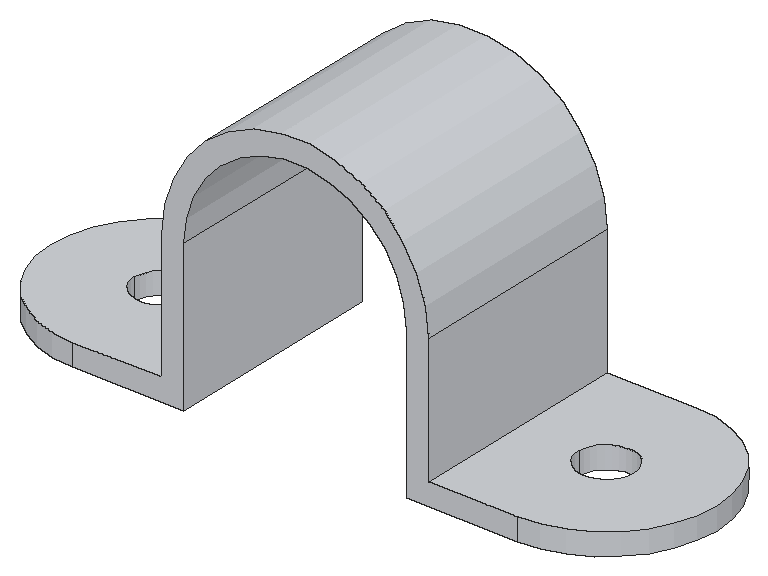
Revit family "PPS20B", category Generic Models, Revit 2017
Family settings
  Can host rebar = No
  Round Connector Dimension = Use Diameter
  Part Type = Normal
  Work Plane-Based = Yes
  Always vertical = No
  Cut with Voids When Loaded = No
  Shared = No
  Room Calculation Point = No
Parameters (values of type "NBS Standard Parameters")
  Weight = "0.0069Kg"
  WarrantyStartDate [instance] = "1900-12-31T23:59:59"
  WarrantyGuarantorParts = "n/a"
  WarrantyGuarantorLabor = "n/a"
  WarrantyDurationUnit = "1 year"
  WarrantyDurationParts = "n/a"
  WarrantyDurationLabor = "n/a"
  WarrantyDescription = "n/a"
  Version = "1"
  Uniclass2 = "Pr_65_70_11_20"
  TagNumber [instance] = "n/a"
  SustainabilityPerformance = "n/a"
  Size = "20mm"
  Shape = "n/a"
  SerialNumber [instance] = "n/a"
  Revision = "n/a"
  ReplacementCost = "n/a"
  ProductInformation = "www.metpro.co.uk/pdf/pps20w.pdf"
  NominalWidth = 20 mm
  NominalLength = 55 mm
  NominalHeight = 21 mm
  Name = ""
  NBSTypeID = ""
  NBSReference = "90-55-10/460"
  NBSOfficeMasterTag = ""
  NBSNote = ""
  NBSDescription = "Conduit Fittings"
  NBSCertification = ""
  ModelReference = "PPS20B"
  ModelNumber = "n/a"
  Material = "PVC"
  ManufacturerURL = "www.metpro.co.uk"
  ManufacturerName = "Metpro Ltd"
  Keynote = "Manufactured to BS4607 Part 1"
  InstallationDate [instance] = "1900-12-31T23:59:59"
  IfcExportType = ""
  IfcExportAs = ""
  Grade = "n/a"
  Finish = "Black"
  Features = "n/a"
  ExpectedLife = "n/a"
  DurationUnit = "year"
  Description = "PPS20B -  20mm PVC Plain Saddle"
  Default Elevation = 1219.2 mm
  Constituents = "n/a"
  Color = "n/a"
  CodePerformance = "n/a"
  Category = "n/a"
  BarCode [instance] = "n/a"
  BIMObjectName = "Metpro_metprolibrary_conduitfittings_PVC component_accessory"
  Author = "Metpro Ltd"
  AssetType = ""
  AssetIdentifier [instance] = "n/a"
  AccessibilityPerformance = "n/a"
Reference planes
  plane 1 "Center (Front/Back)": y = 0
  plane 2: z = 0
  plane 3 "Center (Left/Right)": x = 0
Forms (mm)
  Extrusion 1, solid
    sketch origin (-53.563, -43.66, -2.858) x (0, 0, -1) y (-1, 0, 0)
      loop
        line (-14.358, 10) -> (-0.858, 10) -> (-0.858, 30) -> (-2.858, 30) -> (-2.858, 12) -> (-14.358, 12)
        arc (-14.358, 12) -> (-26.358, 0) -> (-14.358, -12) r 12
        line (-14.358, -12) -> (-2.858, -12) -> (-2.858, -30) -> (-0.858, -30) -> (-0.858, -10) -> (-14.358, -10)
        arc (-14.358, -10) -> (-24.358, 0) -> (-14.358, 10) r 10
    from 0 to 20
  Extrusion 2, void
    sketch origin (-63.563, -43.66, 0) x (0, -1, 0) y (-1, 0, 0)
      loop
        line (0, 10) -> (5.77, 10) -> (5.77, 22.94) -> (-23.161, 22.94) -> (-23.161, 10) -> (-20, 10)
        arc (-20, 10) -> (-10, 20) -> (0, 10) r 10
      loop
        arc (0, -30) -> (-10, -40) -> (-20, -30) r 10
        line (-20, -30) -> (-23.161, -30) -> (-23.161, -42.94) -> (5.77, -42.94) -> (5.77, -30) -> (0, -30)
      loop
        circle (-10, 10) r 2.504
      loop
        circle (-10, -30) r 2.507
    from 0 to 2.493
Cuts and joins
  Extrusion 2 cuts Extrusion 1
Dimensions and locks
  aligned and locked: level to plane 2
